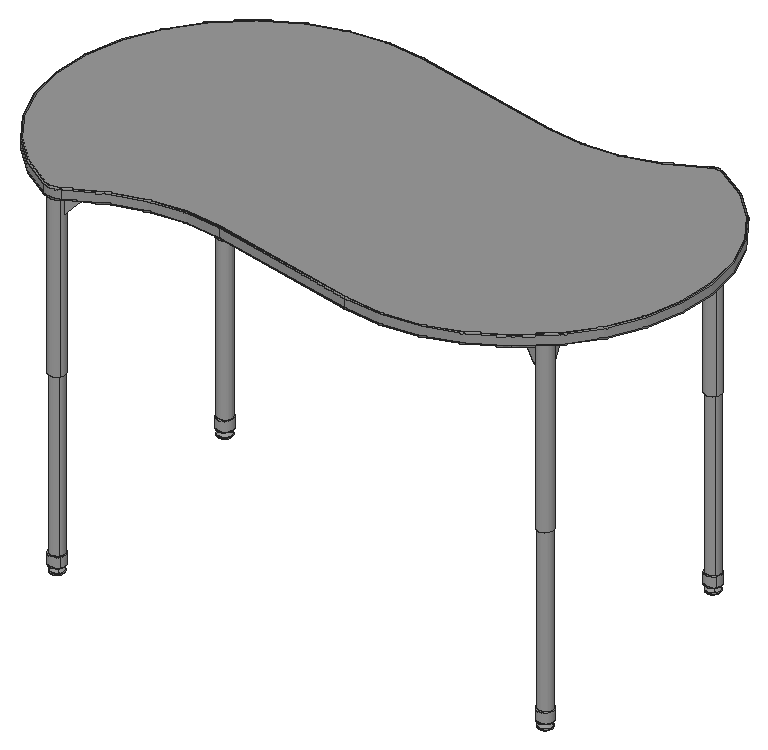
Revit family "Hierarchy Twister Large Table - Standing Height", category Furniture, Revit 2018
Family settings
  Work Plane-Based = No
  Always vertical = Yes
  Cut with Voids When Loaded = No
  Shared = No
  Room Calculation Point = No
Parameters
  Table Height = 3' - 5"
  Surface = Hierarchy Twister Large Table Standing Surface
  Leg Finish = Hierarchy Leg Platinum
  Edgeband = Hierarchy Twister Large Table Standing Edgeband
  Caster/Glide = Hierarchy Standing Leg - Glide : Hierarchy Standing Leg - Glide
Reference planes
  plane 1 "Center (Front/Back)": y = 0
  plane 2: z = 0
  plane 3 "Center (Left/Right)": x = 0
  plane 4: z = 1041.4
Dimensions and locks
  "Table Height": plane 4 to level
  aligned and locked: plane 2 to level
  aligned and locked: nested 1 to plane 4
Nested families
  nested 1: "Twister Large Tabletop" at (0, 0, 360.935), type "Twister Large Tabletop"
  nested 2: "Hierarchy Standing Leg - Glide" at (-718.431, 334.621, 0) x (0.6947, 0.7193, 0) z (0, 0, 1), type <- "Caster/Glide", Leg Finish <- "Leg Finish", Leg Height <- "Table Height", type "Hierarchy Standing Leg - Glide"
  nested 3: "Hierarchy Standing Leg - Glide" at (-620.152, -411.885, 0) x (-0.8572, 0.515, 0) z (0, 0, 1), type <- "Caster/Glide", Leg Finish <- "Leg Finish", Leg Height <- "Table Height", type "Hierarchy Standing Leg - Glide"
  nested 4: "Hierarchy Standing Leg - Glide" at (725.261, -279.284, 0) x (-0.6947, -0.7193, 0) z (0, 0, 1), Leg Finish <- "Leg Finish", Leg Height <- "Table Height", type "Hierarchy Standing Leg - Glide"
  nested 5: "Hierarchy Standing Leg - Glide" at (626.981, 467.221, 0) x (0.8572, -0.515, 0) z (0, 0, 1), Leg Finish <- "Leg Finish", Leg Height <- "Table Height", type "Hierarchy Standing Leg - Glide"
Definition of nested family "Twister Large Tabletop"
  Parameters (values of type "Twister Large Tabletop")
    Surface = none
    Edgeband = none
  Reference planes
    plane 1 "Center (Front/Back)": y = 0
    plane 2: z = 0
    plane 3 "Center (Left/Right)": x = 0
  Forms (mm)
    Extrusion 1, solid, material <- "Surface"
      sketch origin (-60.904, 154.554, 0) x (1, 0, 0) y (0, 1, 0)
        loop
          arc (-221.155, 369.212) -> (-820.862, 4.722) -> (-537.028, -637.104) r 531.834
          arc (-537.028, -637.104) -> (-513.399, -641.277) -> (-490.806, -633.197) r 46.823
          arc (-490.806, -633.197) -> (-300.102, -550.702) -> (-92.359, -546.601) r 538.158
          line (-92.359, -546.601) -> (345.759, -623.853)
          arc (345.759, -623.853) -> (945.466, -259.363) -> (661.632, 382.463) r 531.834
          arc (661.632, 382.463) -> (638.004, 386.636) -> (615.411, 378.556) r 46.823
          arc (615.411, 378.556) -> (424.706, 296.061) -> (216.963, 291.96) r 538.158
          line (216.963, 291.96) -> (-221.155, 369.212)
      from 680.465 to 712.215
    Sweep 2, solid, material <- "Edgeband"
      path origin (-60.904, 154.554, 0) x (1, 0, 0) y (0, 1, 0)
        loop
          arc (345.759, -623.853) -> (945.466, -259.363) -> (661.632, 382.463) r 531.834
          arc (661.632, 382.463) -> (638.004, 386.636) -> (615.411, 378.556) r 46.823
          arc (615.411, 378.556) -> (424.706, 296.061) -> (216.963, 291.96) r 538.158
          line (216.963, 291.96) -> (-221.155, 369.212)
          arc (-221.155, 369.212) -> (-820.862, 4.722) -> (-537.028, -637.104) r 531.834
          arc (-537.028, -637.104) -> (-513.399, -641.277) -> (-490.806, -633.197) r 46.823
          arc (-490.806, -633.197) -> (-300.102, -550.702) -> (-92.359, -546.601) r 538.158
          line (-92.359, -546.601) -> (345.759, -623.853)
      profile origin (884.562, -104.809, 0) x (-0.954101, 0.299484, 0) y (0, 0, 1)
        loop
          arc (0, 712.215) -> (-2.385, 711.227) -> (-3.373, 708.842) r 3.373
          line (-3.373, 708.842) -> (-3.373, 683.839)
          arc (-3.373, 683.839) -> (-2.385, 681.453) -> (0, 680.465) r 3.373
          line (0, 680.465) -> (0, 712.215)
  Dimensions and locks
    aligned and locked: plane 2 to level
Definition of nested family "Hierarchy Standing Leg - Glide"
  Parameters (values of type "Hierarchy Standing Leg - Glide")
    Leg Finish [instance] = none
    Leg Height [instance] = 3' - 5"
  Reference planes
    plane 1 "Center (Front/Back)": y = 0
    plane 2: z = 0
    plane 3 "Center (Left/Right)": x = 0
  Forms (mm)
    Extrusion 1, solid
      sketch origin (-0.397, 0, 0) x (1, 0, 0) y (0, 1, 0)
        loop
          circle (0.397, 0) r 20.103
      from 50.8 to 588.645
    Revolve 2, solid
      sketch origin (0, 0, 0) x (1, 0, 0) y (0, 0, 1)
        loop
          line (0, 50.8) -> (0, 19.034) -> (21.549, 19.034)
          arc (21.549, 19.034) -> (22.693, 19.508) -> (23.167, 20.652) r 1.618
          line (23.167, 20.652) -> (23.167, 49.182)
          arc (23.167, 49.182) -> (22.693, 50.326) -> (21.549, 50.8) r 1.618
          line (21.549, 50.8) -> (0, 50.8)
        axis (0, 50.8) -> (0, 19.034)
      angle from 0 to 360
    Revolve 3, solid
      sketch origin (0, 0, 0) x (1, 0, 0) y (0, 0, 1)
        loop
          line (0, 19.05) -> (0, 0) -> (18.944, 0) -> (20.103, 2.289) -> (20.103, 4.125) -> (3.168, 12.7) -> (3.168, 19.05) -> (0, 19.05)
        axis (0, 19.05) -> (0, 0)
      angle from 0 to 360
  Dimensions and locks
    "Leg Height": nested 1 to level
    aligned and locked: plane 2 to level
  Automatic sketch dimensions
    plane 1 "Center (Front/Back)" to Extrusion 1 sketch curve = 0' - 0"
    Extrusion 1 sketch curve to plane 3 "Center (Left/Right)" = 0' - 0"
    Revolve 2 sketch curve to plane 3 "Center (Left/Right)" = 0' - 0"  (x2)
    plane 3 "Center (Left/Right)" to Revolve 2 sketch curve = 0' - 0.84838"
    Revolve 2 sketch curve to Revolve 2 sketch curve = 0' - 0.84838"
    Revolve 2 sketch curve to Revolve 2 sketch curve = 0' - 0.06369"
    level to Revolve 2 sketch curve = 0' - 0.74937"
    Revolve 2 sketch curve to Revolve 2 sketch curve = 0' - 1.12324"
    Revolve 2 sketch curve to Revolve 2 sketch curve = 0' - 0.13731"
    Revolve 2 sketch curve to Revolve 2 sketch curve = 0' - 0 3/4"
    Revolve 3 sketch curve to plane 3 "Center (Left/Right)" = 0' - 0"  (x2)
    Revolve 3 sketch curve to level = 0' - 0"
    plane 3 "Center (Left/Right)" to Revolve 3 sketch curve = 0' - 0.12474"
    plane 3 "Center (Left/Right)" to Revolve 3 sketch curve = 0' - 0.74583"
    Revolve 3 sketch curve to Revolve 3 sketch curve = 0' - 0.04564"
    level to Revolve 3 sketch curve = 0' - 0.09013"
    Revolve 3 sketch curve to Revolve 3 sketch curve = 0' - 0.07228"
    level to Revolve 3 sketch curve = 0' - 0 1/2"
    Revolve 3 sketch curve to Revolve 3 sketch curve = 0' - 0 1/4"
    Revolve 3 sketch curve to level = 0' - 0 1/8"
    Revolve 3 sketch curve to Revolve 3 sketch curve = 0' - 0 1/8"
    radius of Extrusion 1 sketch curve = 0' - 0.79147"
  Nested families
    nested 1: "Hierarchy Standing Upper Leg 2023" at (0, 0, 5.076), Leg Finish <- "Leg Finish", type "Hierarchy Standing Upper Leg 2023"
      with Leg Finish none
  Definition of nested family "Hierarchy Standing Upper Leg 2023"
    Parameters (values of type "Hierarchy Standing Upper Leg 2023")
      Leg Finish [instance] = none
    Reference planes
      plane 1 "Center (Front/Back)": y = 0
      plane 2: z = 0
      plane 3 "Center (Left/Right)": x = 0
    Forms (mm)
      Extrusion 1, solid, material <- "Leg Finish"
        sketch origin (0, 0, 0) x (1, 0, 0) y (0, 1, 0)
          loop
            circle (0, 0) r 23.188
        from 525.124 to 1033.124
      Extrusion 2, solid, material <- "Leg Finish"
        sketch origin (0, 0, 330.149) x (1, 0, 0) y (0, 1, 0)
          loop
            line (-43.224, 4.873) -> (-100.739, -114.233)
            arc (-100.739, -114.233) -> (-99.562, -135.495) -> (-80.928, -145.8) r 22
            line (-80.928, -145.8) -> (80.928, -145.8)
            arc (80.928, -145.8) -> (99.562, -135.495) -> (100.739, -114.233) r 22
            line (100.739, -114.233) -> (43.224, 4.873)
            arc (43.224, 4.873) -> (0, 32) -> (-43.224, 4.873) r 48
        from 702.975 to 706.175
      Extrusion 3, solid, material <- "Leg Finish"
        sketch origin (315.46, 40.308, 0) x (0.434844, 0.900506, 0) y (0, 0, 1)
          loop
            arc (-322.269, 1033.124) -> (-325.262, 1030.33) -> (-322.68, 1027.153) r 3
            arc (-322.68, 1027.153) -> (-253.541, 1004.191) -> (-197.212, 957.99) r 200
            arc (-197.212, 957.99) -> (-193.889, 957.106) -> (-191.919, 959.924) r 3
            line (-191.919, 959.924) -> (-191.919, 1033.124) -> (-322.269, 1033.124)
        from -282.188 to -278.988
      Extrusion 4, solid, material <- "Leg Finish"
        sketch origin (-315.46, 40.308, 0) x (-0.434844, 0.900506, 0) y (0, 0, -1)
          loop
            line (-322.269, -1033.124) -> (-191.919, -1033.124) -> (-191.919, -959.924)
            arc (-191.919, -959.924) -> (-193.889, -957.106) -> (-197.212, -957.99) r 3
            arc (-197.212, -957.99) -> (-253.541, -1004.191) -> (-322.68, -1027.153) r 200
            arc (-322.68, -1027.153) -> (-325.262, -1030.33) -> (-322.269, -1033.124) r 3
        from -282.188 to -278.988
    Dimensions and locks
      aligned and locked: plane 2 to level
